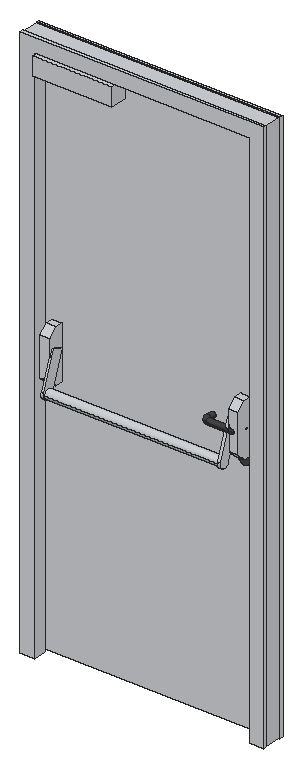
Revit family "Gamme Padilla 1V - Tunnel", category Portes, Revit 2020
Family settings
  Basée sur le plan de construction = Non
  Toujours verticalement = Oui
  Couper avec des vides une fois chargée = Non
  Partagée = Non
  Point de calcul de pièce = Non
Parameters (values of type "MetalFeu 1V - 900 x 2178")
  Largeur Réservation = 960 mm
  Hauteur Réservation = 2178 mm
  FP DC340 Bras - OP [instance] = yes
  Elévation par défaut = 0 mm
  Définir les propriétés thermiques par = Type schématique
  Construction analytique = "<Aucun>"
  Code d'assemblage = "B2030"
  Béquille P1F - OP [instance] = yes
  Béquille P1F - CP [instance] = yes
  Barre Antipanique CROSS [instance] = yes
Reference planes
  plane 1 "Centre (avant/arrière)": y = 0
  plane 2: z = 0
  plane 3 "Centre (gauche/droite)": x = 0
  plane 4: x = -480
  plane 5: x = 480
  plane 6 "Hauteur Réservation": z = 2178
  plane 7 "Hauteur Vantail": z = 2143
  plane 8 "Niveau Bas du Vantail": z = 10
  plane 9 "Hauteur Aile de recouvrement": z = 2157.96
  plane 10 "Hauteur béquille": z = 1069
  plane 11 "Niveau Bas Paumelle du bas": z = 42
  plane 12 "Niveau Bas Paumelle du milieu": z = 991
  plane 13 "Niveau Bas paumelle du Haut": z = 1909
Forms (mm)
  Sweep 1, solid
    path origin (0, 0, 0) x (1, 0, 0) y (0, 0, 1)
      loop
        line (-480, 0) -> (-480, 2178) -> (480, 2178) -> (480, 0)
    profile origin (-480, 0, 1089) x (-1, 0, 0) y (0, -1, 0)
      loop
        line (-5.06, 28.538) -> (-6.56, 28.538) -> (-6.56, 94.538) -> (-5.06, 94.538) -> (-5.06, 107.538) -> (-60.06, 107.538) -> (-60.06, 57.538) -> (-43.06, 57.538) -> (-43.06, 29.538) -> (-45.06, 27.538) -> (-45.06, 15.538) -> (-5.06, 15.538) -> (-5.06, 28.538)
  Extrusion 2, solid
    sketch origin (0, -0.625, 0) x (1, 0, 0) y (0, 1, 0)
      loop
        line (-430.278, -52.461) -> (430.559, -52.461) -> (430.559, -0.055) -> (451.342, -0.055) -> (451.342, -13.308) -> (452.342, -13.308) -> (452.342, 0.645) -> (-452.278, 0.645) -> (-452.278, -13.308) -> (-451.061, -13.308) -> (-451.061, -0.055) -> (-430.278, -0.055) -> (-430.278, -52.461)
    from 10 to 2143
Dimensions and locks
  equal spacing: plane 4, plane 3 "Centre (gauche/droite)", plane 5
  "Largeur Réservation": plane 4 to plane 5
  "Hauteur Réservation": plane 6 "Hauteur Réservation" to level
  locked: plane 8 "Niveau Bas du Vantail" to level at 10
  locked: plane 6 "Hauteur Réservation" to plane 7 "Hauteur Vantail" at 35
  locked: plane 6 "Hauteur Réservation" to plane 9 "Hauteur Aile de recouvrement" at 20.04
  locked: plane 10 "Hauteur béquille" to level at 1069
  locked: plane 11 "Niveau Bas Paumelle du bas" to level at 42
  locked: plane 12 "Niveau Bas Paumelle du milieu" to level at 991
  locked: plane 13 "Niveau Bas paumelle du Haut" to level at 1909
  locked: nested 3 to plane 10 "Hauteur béquille" at 104
  nested 4 to plane 6 "Hauteur Réservation" = 64.722 mm
  locked: Extrusion 2 sketch curve to Extrusion 2 sketch curve at 21.782
  locked: Extrusion 2 sketch curve to Extrusion 2 sketch curve at 22
  locked: Extrusion 2 sketch curve to Extrusion 2 sketch curve at 1
  locked: Extrusion 2 sketch curve to Extrusion 2 sketch curve at 1.218
  locked: Sweep 1 to Extrusion 2 at 22.662
  locked: Extrusion 2 to Sweep 1 at 22.598
  profile plane to Sweep 1 sketch curve = 5.06 mm
  locked: nested 1 to plane 1 "Centre (avant/arrière)" at 53
  locked: nested 1 to plane 5 at 115
  locked: nested 2 to plane 5 at 115
  locked: nested 3 to plane 5 at 100.081
  locked: plane 4 to nested 3 at 87.625
  aligned and locked: level to plane 2
  aligned and locked: plane 4 to Sweep 1 sketch curve
  aligned and locked: Sweep 1 sketch curve to plane 6 "Hauteur Réservation"
  aligned and locked: Sweep 1 sketch curve to plane 5
  aligned and locked: level to Sweep 1 sketch curve  (x2)
  aligned and locked: Extrusion 2 to plane 8 "Niveau Bas du Vantail"
  aligned and locked: plane 7 "Hauteur Vantail" to Extrusion 2
  aligned and locked: plane 10 "Hauteur béquille" to nested 1
Automatic sketch dimensions
  plane 1 "Centre (avant/arrière)" to Extrusion 2 sketch curve = 13.933 mm  (x2)
  plane 4 to Extrusion 2 sketch curve = 27.722 mm
  Extrusion 2 sketch curve to plane 5 = 49.441 mm
  Extrusion 2 sketch curve to Extrusion 2 sketch curve = 39.153 mm
  plane 1 "Centre (avant/arrière)" to Extrusion 2 sketch curve = 0.68 mm  (x2)
  Extrusion 2 sketch curve to plane 1 "Centre (avant/arrière)" = 0.02 mm
  Sweep 1 sketch curve to Sweep 1 sketch curve = 1.5 mm
  Sweep 1 sketch curve to Sweep 1 sketch curve = 36.5 mm
  Sweep 1 sketch curve to Sweep 1 sketch curve = 2 mm  (x2)
  Sweep 1 sketch curve to Sweep 1 sketch curve = 17 mm
  profile plane to Sweep 1 sketch curve = 5.06 mm
  plane 1 "Centre (avant/arrière)" to Sweep 1 sketch curve = 15.538 mm
  Sweep 1 sketch curve to Sweep 1 sketch curve = 12 mm
  Sweep 1 sketch curve to Sweep 1 sketch curve = 13 mm  (x2)
  Sweep 1 sketch curve to Sweep 1 sketch curve = 28 mm
  Sweep 1 sketch curve to Sweep 1 sketch curve = 37 mm
Nested families
  nested 1: "Béquille Nylon Premium" at (365, -53, 1023), visible <- "Béquille P1F - OP", type "Béquille Nylon Premium"
    with Nylon noir Materiel Béquille Standard
  nested 2: "Béquille Nylon Premium" at (365, -0.106, 1023), visible <- "Béquille P1F - CP", type "Béquille Nylon Premium"
    with Nylon noir Materiel Béquille Standard
  nested 3: "Barre antipanique CROSS-bis" at (-374.375, -53.086, 965), visible <- "Barre Antipanique CROSS", type "Barre antipanique CROSS-bis"
    with Longueur Tube/Barre 800 mm, Longeur tube 680 mm, Lg entre manoeuvre 680 mm, Lg Tube 680 mm
  nested 4: "Ferme-porte DC340 - Montage Opposé Paumelles" at (-110, -53.086, 2044.278), visible <- "FP DC340 Bras - OP", type "Ferme-porte DC340 - Montage Opposé Paumelles"
Definition of nested family "Béquille Nylon Premium"
  Parameters (values of type "Béquille Nylon Premium")
    Nylon noir [instance] = none
    Default Elevation = 0 mm
  Reference planes
    plane 1 "Centre (avant/arrière)": y = 0
    plane 2: z = 0
    plane 3 "Centre (gauche/droite)": x = 0
  Forms (mm)
    Extrusion 1, solid, material <- "Nylon noir"
      sketch origin (0, 0, 0) x (1, 0, 0) y (0, 0, 1)
        loop
          line (-23, 66) -> (-23, -66)
          arc (-23, -66) -> (0, -89) -> (23, -66) r 23
          line (23, -66) -> (23, 66)
          arc (23, 66) -> (0, 89) -> (-23, 66) r 23
      from 0 to 9
    Extrusion 2, void
      sketch origin (0, 0, 0) x (1, 0, 0) y (0, 0, 1)
        loop
          line (5.5, -46) -> (5.5, -33.124)
          arc (5.5, -33.124) -> (0, -17) -> (-5.5, -33.124) r 9
          line (-5.5, -33.124) -> (-5.5, -46)
          arc (-5.5, -46) -> (0, -51.5) -> (5.5, -46) r 5.5
      from -4.814 to 18.923
    Sweep 3, solid, material <- "Nylon noir"
      path origin (0, 0, 0) x (1, 0, 0) y (0, 1, 0)
        loop
          line (0, -9) -> (0, -38)
          arc (0, -38) -> (-4.686, -49.314) -> (-16, -54) r 16
          line (-16, -54) -> (-104, -54)
          arc (-104, -54) -> (-115.314, -49.314) -> (-120, -38) r 16
          line (-120, -38) -> (-120, -15.013)
      profile origin (0, -23.5, 0) x (1, 0, 0) y (0, 0, 1)
        loop
          circle (0, 46) r 11
  Cuts and joins
    Extrusion 2 cuts Extrusion 1
  Dimensions and locks
    locked: plane 3 "Centre (gauche/droite)" to Extrusion 1 sketch curve at 23
    Extrusion 1 sketch curve to plane 3 "Centre (gauche/droite)" = 23 mm
    locked: Sweep 3 sketch curve to cut or joined group of Extrusion 1, Extrusion 2 at 45
    locked: Sweep 3 sketch curve to Sweep 3 sketch curve at 120
    Sweep 3 sketch curve to Sweep 3 sketch curve = 16 mm  (x4)
    locked: Sweep 3 sketch curve to cut or joined group of Extrusion 1, Extrusion 2
    Sweep 3 sketch curve to Sweep 3 sketch curve = 38.987 mm
    locked: level to Sweep 3 at 46
    locked: cut or joined group of Extrusion 1, Extrusion 2 to level at 46
    aligned and locked: level to plane 2
Definition of nested family "Barre antipanique CROSS-bis"
  Parameters (values of type "Barre antipanique CROSS-bis")
    Longueur barre = Largeur entre manoeuvre - 20 mm  # 680 mm
    Longueur Tube/Barre [instance] = 800 mm
    Longeur tube [instance] = 680 mm
    Lg entre manoeuvre [instance] = 680 mm
    Lg Tube [instance] = Lg entre manoeuvre  # 680 mm
    Largeur entre manoeuvre = 700 mm
    Default Elevation = 0 mm
  Reference planes
    plane 1 "Centre (avant/arrière)": y = 0
    plane 2: z = 0
    plane 3 "Centre (gauche/droite)": x = 0
    plane 4 "Plan manoeuvre BAP": x = -18
    plane 5 "Plan Bras Manoeuvre": x = 18
    plane 6 "Plan Barre BAP": x = 28
  Forms (mm)
    Extrusion 1, solid
      sketch origin (-18, 0, 0) x (0, 1, 0) y (0, 0, 1)
        loop
          line (0, 0) -> (30, 0) -> (60, 30) -> (60, 178) -> (30, 208) -> (0, 208) -> (0, 0)
      from 0 to 36
    Extrusion 2, solid
      sketch origin (-18, 0, 0) x (0, 1, 0) y (0, 0, 1)
        loop
          line (0, 0) -> (30, 0) -> (60, 30) -> (60, 178) -> (30, 208) -> (0, 208) -> (0, 0)
      from 736 to 772.294
    Extrusion 3, solid
      sketch origin (18, 0, 0) x (0, -1, 0) y (0, 0, 1)
        loop
          arc (-99.794, 6.84) -> (-87.84, -18.794) -> (-62.206, -6.84) r 20
          line (-62.206, -6.84) -> (-12.613, 129.415) -> (-50.201, 143.096) -> (-99.794, 6.84)
      from 0 to -10
    Extrusion 4, solid
      sketch origin (708, 0, 0) x (0, 1, 0) y (0, 0, 1)
        loop
          line (12.613, 129.415) -> (62.206, -6.84)
          arc (62.206, -6.84) -> (87.84, -18.794) -> (99.794, 6.84) r 20
          line (99.794, 6.84) -> (50.201, 143.096) -> (12.613, 129.415)
      from 0 to 10
    Sweep 5, solid
      path origin (0, 0, 0) x (1, 0, 0) y (0, 1, 0)
        loop
          line (28, 81) -> (708, 81)
      profile origin (368, 81, 0) x (0, 1, 0) y (0, 0, 1)
        loop
          circle (0, 0) r 17.5
  Dimensions and locks
    locked: Extrusion 1 sketch curve to Extrusion 1 sketch curve at 60
    locked: Extrusion 1 sketch curve to Extrusion 1 sketch curve at 208
    plane 1 "Centre (avant/arrière)" to Extrusion 1 sketch curve = 0 mm
    locked: Extrusion 1 sketch curve to Extrusion 1 sketch curve at 30  (x2)
    locked: plane 4 "Plan manoeuvre BAP" to plane 3 "Centre (gauche/droite)" at 18
    locked: Extrusion 2 sketch curve to Extrusion 1 at 30
    locked: Extrusion 1 to Extrusion 2 sketch curve at 30
    Extrusion 1 to Extrusion 2 sketch curve = 30 mm
    locked: Extrusion 2 to Extrusion 2 at 36.294
    locked: plane 4 "Plan manoeuvre BAP" to plane 5 "Plan Bras Manoeuvre" at 36
    plane 1 "Centre (avant/arrière)" to Extrusion 3 sketch curve = 81 mm
    Extrusion 3 sketch curve to Extrusion 2 = 0 mm
    locked: Extrusion 3 sketch curve to Extrusion 3 sketch curve at 165
    locked: Extrusion 3 sketch curve to Extrusion 3 sketch curve at 40
    plane 1 "Centre (avant/arrière)" to Extrusion 4 sketch curve = 81 mm
    level to Extrusion 4 sketch curve = 0 mm
    locked: plane 5 "Plan Bras Manoeuvre" to plane 6 "Plan Barre BAP" at 10
    "Longueur barre": Sweep 5 sketch curve to Sweep 5 sketch curve
    plane 1 "Centre (avant/arrière)" to Sweep 5 sketch curve = 81 mm
    locked: Sweep 5 sketch curve to level
    locked: plane 1 "Centre (avant/arrière)" to Sweep 5 sketch curve at 81
    locked: Extrusion 1 to Extrusion 3
    locked: Extrusion 4 to Extrusion 2 at 10
    locked: Extrusion 1 to Extrusion 3 at 10
    locked: Sweep 5 to Extrusion 3
    Sweep 5 sketch curve to plane 6 "Plan Barre BAP" = 0 mm
    locked: Extrusion 1 to Extrusion 1 at 36
    locked: Extrusion 1 to plane 4 "Plan manoeuvre BAP"
    locked: plane 6 "Plan Barre BAP" to Sweep 5
    Extrusion 3 to Extrusion 4 = 680 mm
    locked: Extrusion 4 to Extrusion 2
    locked: Extrusion 4 to Sweep 5
    aligned and locked: level to plane 2
  Automatic sketch dimensions
    Extrusion 1 sketch curve to level = 0 mm
    level to Extrusion 1 sketch curve = 30 mm
    Extrusion 1 sketch curve to Extrusion 1 sketch curve = 30 mm
    Extrusion 2 sketch curve to level = 0 mm
    Extrusion 2 sketch curve to plane 1 "Centre (avant/arrière)" = 0 mm
    Extrusion 2 sketch curve to Extrusion 2 sketch curve = 30 mm  (x3)
    Extrusion 3 sketch curve to plane 1 "Centre (avant/arrière)" = 12.613 mm
    level to Extrusion 3 sketch curve = 6.84 mm
    Extrusion 3 sketch curve to level = 6.84 mm
    Extrusion 4 sketch curve to plane 1 "Centre (avant/arrière)" = 12.613 mm
    Extrusion 4 sketch curve to Extrusion 4 sketch curve = 13.681 mm
    Extrusion 4 sketch curve to level = 6.84 mm
    level to Extrusion 4 sketch curve = 6.84 mm
    radius of Extrusion 4 sketch curve = 20 mm
    radius of Sweep 5 sketch curve = 17.5 mm
Definition of nested family "Ferme-porte DC340 - Montage Opposé Paumelles"
  Parameters
    Default Elevation = 0 mm
  Reference planes
    plane 1 "Centre (avant/arrière)": y = 0
    plane 2: z = 0
    plane 3 "Centre (gauche/droite)": x = 0
    plane 4 "Niveau Haut du corps": z = 69
    plane 5 "Niveau bas du rail": z = 82
  Forms (mm)
    Extrusion 1, solid
      sketch origin (0, 0, 0) x (1, 0, 0) y (0, 1, 0)
        loop
          line (0, -63) -> (0, 0) -> (-308, 0) -> (-308, -63) -> (0, -63)
      from 0 to 69
  Dimensions and locks
    locked: Extrusion 1 sketch curve to Extrusion 1 sketch curve at 308
    locked: Extrusion 1 sketch curve to Extrusion 1 sketch curve at 63
    locked: plane 4 "Niveau Haut du corps" to plane 2 at 69
    locked: plane 5 "Niveau bas du rail" to level at 82
    locked: Extrusion 1 sketch curve to plane 1 "Centre (avant/arrière)"
    aligned and locked: level to plane 2
    aligned and locked: Extrusion 1 sketch curve to plane 3 "Centre (gauche/droite)"
